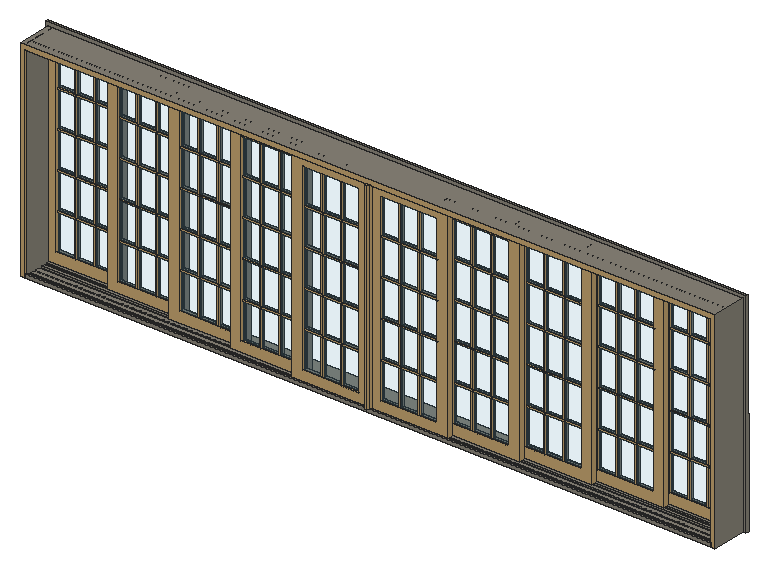
Revit family
Parameters (values of type "CMMSDS30080_OXXXX-XXXXO")
  Void Offset = if(and(Casing Visibility, BMC), 0' 1 5/16", if(and(Casing Visibility, Flat Casing), 0' 3", 0' 0"))  # 0' - 1 5/16"
  V5a = if(Panels > 8, 0' 1 13/16", 0' 0")  # 0' - 1 13/16"
  V5 = if(Panels > 8, 0' 0 7/32", 0' 1")  # 0' - 0 7/32"
  V4a = if(Panels > 6, 0' 1 13/16", 0' 0")  # 0' - 1 13/16"
  V4 = if(Panels > 6, 0' 0 7/32", 0' 1")  # 0' - 0 7/32"
  V3a = if(Panels > 4, 0' 1 13/16", 0' 0")  # 0' - 1 13/16"
  V3 = if(Panels > 4, 0' 0 7/32", 0' 1")  # 0' - 0 7/32"
  URL = "www.marvin.com"
  Sill Material = Polyurethane-Marvin-Bronze
  Sill Liner = if(Performance Sill, 0' 1 1/16", 0' 0")  # 0' - 1 1/16"
  Prairie Corner Width = 0' - 4"
  Prairie Corner Height = 0' - 4"
  Performance Sill = yes
  Operator Arrow Visibility = yes
  Muntins Interior Material = Wood-Marvin-Pine
  Muntins Exterior Material = Aluminum-Marvin-Bronze
  Mtg Stile Offset = if(Performance Sill, 0' 1 13/16", 0' 1 7/32")  # 0' - 1 13/16"
  Lite Cut Prairie 9 = no
  Lite Cut HV Grid = not(Lite Cut Prairie 9)  # yes
  Interior Material = Wood-Marvin-Pine
  Function = 1
  Frame = "Aluminum Clad"
  Flush Sill = not(Performance Sill)  # no
  Panel Start Center = Panel Width / 2  # 1' - 5 17/32"
  Panel Center = Panel Width - Panel Stile  # 2' - 6 21/64"
  Panel Stile = 0' - 4 47/64"  # constant formula
  Thickness = 0' - 2 1/4"  # constant formula
  Rough Width = Width + 0' 1"  # 26' - 3 47/64"
  Rough Height = Height + 0' 0 1/2"  # 7' - 11 7/32"
  Panels = if(Number of Panels < 4, 4, if(Number of Panels = 5, 6, if(Number of Panels = 7, 8, if(Number of Panels = 9, 10, if(Number of Panels > 10, 10, Number of Panels)))))  # 10
  Panel Width = (Width - 0' 1 63/64" + (Panel Stile * (Panels - 2))) / Panels  # 2' - 11 1/16"
  Panel Height = Height - 0' 2 7/32"  # 7' - 8 1/2"
  Panel 5 Visibility = Number of Panels > 8  # yes
  Panel 4 Visibility = Number of Panels > 6  # yes
  Panel 3 Visibility = Number of Panels > 4  # yes
  Number of Panels = 10
  Nominal Width = 30' - 0"
  Nominal Height = 8' - 0"
  Muntins Interior Visibility = yes
  Muntins Exterior Visibility = yes
  Model = "CMMSDS30080_OXXXX-XXXXO"
  Manufacturer = "Marvin Windows and Doors"
  Lites Wide = 3
  Lites High = 5
  Label Visibility = no
  Jamb Depth = if(Panels = 4, 0' 6 25/32", if(Panels = 6, 0' 9 51/64", if(Panels = 8, 1' 0 13/16", 1' 3 27/32")))  # 1' - 3 27/32"
  Inset to Installation Flange [instance] = 0' - 1"
  Height = if(Nominal Height = 7' 0", Nominal Height + 0' 1 7/32", Nominal Height - 0' 1 9/32")  # 7' - 10 23/32"
  Wall Closure = (empty or 0)
  Width = if(Panels = 4, Nominal Width - 0' 11 15/64", if(Panels = 6, Nominal Width - 1' 10 37/64", if(Panels = 8, Nominal Width - 2' 9 59/64", Nominal Width - 3' 9 17/64")))  # 26' - 2 47/64"
  Glazing Material = Glass-Marvin-IG Low E II with Argon
  Glass Type = "IG Low E II with Argon"
  Family created by = "www.rbuiltcomponents.com"
  Door Type = "Clad Ultimate Multi-Slide Stacked Door"
  Design Pressure = if(DP_1, "Not Rated", "DP40")  # "DP40"
  Description = "30080 MS DOOR"
  Daylight Area = DLO Width Panel * DLO Height Panel * Panels  # 147.575 SF
  DP_1 = or(Panel Height > 10' 0", Panel Width > 4' 0", Flush Sill)  # no
  DLO Width Panel = Panel Width - (Panel Stile * 2)  # 2' - 1 19/32"
  DLO Height Panel = Panel Height - (Panel Stile * 2)  # 6' - 11 1/32"
  Cladding Material = Aluminum-Marvin-Bronze
  Casing Width = if(BMC, 0' 1 5/16", 0' 3")  # 0' - 1 5/16"
  Casing Visibility = yes
  Flat Casing Visibility = and(Casing Visibility, Flat Casing)  # no
  BMC Visibility = and(Casing Visibility, BMC)  # yes
  BMC = yes
  Flat Casing = not(BMC)  # no
  Assembly Code = ""
Reference planes (in)
  plane 1 "Center (Front/Back)": y = 0
  plane 2 "Center (Left/Right)": x = 0
  plane 3 "Left": x = -157.36719
  plane 4 "Right": x = 157.36719
  plane 5 "Top": z = 94.71875
  plane 6 "Exterior": y = 9
  plane 7 "Interior": y = -9
  plane 8 "Inset": y = 8
  plane 9: x = -156.44531
  plane 10: x = 156.44531
  plane 11: z = 93.71875
  plane 12 "Jamb Ext Face": y = -7.84375
  plane 13: y = 7.625
  plane 14: y = 4.60547
  plane 15: y = 1.58594
  plane 16: y = -1.43359
  plane 17: x = -108.58594
  plane 18: x = -78.25781
  plane 19: x = -47.92969
  plane 20: x = -138.91406
  plane 21: z = 96.03125
  plane 22: x = 138.91406
  plane 23: x = -17.60156
  plane 24: y = -7.47266
  plane 25: y = -4.45313
  plane 26: x = 108.58594
  plane 27: x = 78.25781
  plane 28: x = 47.92969
  plane 29: x = 17.60156
Forms (in)
  Extrusion 1, void
    sketch origin (0, 0, 0) x (1, 0, 0) y (0, 1, 0)
      loop
        line (-158.67969, 9.125) -> (-158.67969, 8) -> (158.67969, 8) -> (158.67969, 9.125) -> (-158.67969, 9.125)
    from 0 to 96.03125
  Extrusion 2, void
    sketch origin (0, 0, 0) x (1, 0, 0) y (0, 1, 0)
      loop
        line (-157.36719, 8) -> (-157.36719, -9) -> (157.36719, -9) -> (157.36719, 8) -> (-157.36719, 8)
    from 0 to 94.71875
  Sweep 3, solid, material "Polyurethane-Marvin-Bronze" <- "Sill Material"
    path origin (0, 8, 0) x (1, 0, 0) y (0, 0, 1)
      loop
        line (156.52344, 0) -> (-156.52344, 0)
    profile origin (0, 8, 0) x (0, 0, -1) y (0, -1, 0)
      loop
        line (0, -1.03125) -> (0, 15.375) -> (-0.75, 15.375) -> (-0.75, 14.10938) -> (-0.25, 14.10938) -> (-0.25, 12.67188) -> (-0.75, 12.67187) -> (-0.75, -1.03125) -> (0, -1.03125)
  Sweep 4, solid, material "Polyurethane-Marvin-Bronze" <- "Sill Material"
    path origin (0, 8, 0) x (1, 0, 0) y (0, 0, 1)
      loop
        line (155.39619, 0) -> (-155.39619, 0)
    profile origin (0, 8, 0) x (0, 0, -1) y (0, -1, 0)
      loop
        line (-1.8125, 15.375) -> (0, 15.375) -> (0, 15.84375) -> (-1.8125, 15.84375) -> (-1.8125, 15.375)
  Sweep 5, solid, material "Aluminum-Marvin-Bronze" <- "Cladding Material"
    path origin (0, 8, 0) x (1, 0, 0) y (0, 0, 1)
      loop
        line (-157.36719, 0) -> (-157.36719, 94.71875) -> (157.36719, 94.71875) -> (157.36719, 0)
    profile origin (0, 8, 94.71875) x (0, 0, 1) y (0, -1, 0)
      loop
        line (0, 15.84375) -> (-1.971, 15.84375) -> (-1.971, 15.0625) -> (-1.8125, 15.0625) -> (-1.8125, -0.40625) -> (-0.84375, -0.40625) -> (-0.84375, -1.0935) -> (0, -1.0935) -> (0, 15.84375)
  Sweep 6, void
    path origin (0, 8, 0) x (1, 0, 0) y (0, 0, 1)
      loop
        line (-157.36719, 93.71875) -> (-157.36719, 0)
    profile origin (-157.36719, 8, 46.85938) x (0, -1, 0) y (1, 0, 0)
      loop
        line (2.625, 1.8125) -> (0.125, 1.8125) -> (0.125, 0.8125) -> (2.625, 0.8125) -> (2.625, 1.8125)
  Sweep 7, void
    path origin (0, 8, 0) x (1, 0, 0) y (0, 0, 1)
      loop
        line (121.38281, 94.71875) -> (155.55469, 94.71875)
    profile origin (138.46875, 8, 94.71875) x (0, 0, 1) y (0, -1, 0)
      loop
        line (-0.25, 2.76172) -> (-1.5, 2.76172) -> (-1.5, 3.01172) -> (-1.8125, 3.01172) -> (-1.8125, 0) -> (-1.5, 0) -> (-1.5, 0.25) -> (-0.25, 0.25) -> (-0.25, 2.76172)
  Sweep 8, void
    path origin (0, 8, 0) x (1, 0, 0) y (0, 0, 1)
      loop
        line (91.05469, 94.71875) -> (155.55469, 94.71875)
    profile origin (123.30469, 8, 94.71875) x (0, 0, 1) y (0, -1, 0)
      loop
        line (-0.25, 3.26172) -> (-0.25, 5.77344) -> (-1.5, 5.77344) -> (-1.5, 6.02344) -> (-1.8125, 6.02344) -> (-1.8125, 3.01172) -> (-1.5, 3.01172) -> (-1.5, 3.26172) -> (-0.25, 3.26172)
  Sweep 9, void
    path origin (0, 8, 0) x (1, 0, 0) y (0, 0, 1)
      loop
        line (60.72656, 94.71875) -> (155.55469, 94.71875)
    profile origin (108.14063, 8, 94.71875) x (0, 0, 1) y (0, -1, 0)
      loop
        line (-0.25, 8.78125) -> (-1.5, 8.78125) -> (-1.5, 9.03125) -> (-1.8125, 9.03125) -> (-1.8125, 5.89453) -> (-1.5, 5.89453) -> (-1.5, 6.26953) -> (-0.25, 6.26953) -> (-0.25, 8.78125)
  Sweep 10, void
    path origin (0, 8, 0) x (1, 0, 0) y (0, 0, 1)
      loop
        line (30.39844, 94.71875) -> (155.55469, 94.71875)
    profile origin (92.97656, 8, 94.71875) x (0, 0, 1) y (0, -1, 0)
      loop
        line (-0.25, 9.28906) -> (-0.25, 11.80078) -> (-1.5, 11.80078) -> (-1.5, 12.05078) -> (-1.8125, 12.05078) -> (-1.8125, 8.91406) -> (-1.5, 8.91406) -> (-1.5, 9.28906) -> (-0.25, 9.28906)
  Sweep 11, void
    path origin (0, 8, 0) x (1, 0, 0) y (0, 0, 1)
      loop
        line (-155.55469, 94.71875) -> (155.55469, 94.71875)
    profile origin (0, 8, 94.71875) x (0, 0, 1) y (0, -1, 0)
      loop
        line (-0.25, 14.82031) -> (-1.5, 14.82031) -> (-1.5, 15.07031) -> (-1.8125, 15.07031) -> (-1.8125, 11.93359) -> (-1.5, 11.93359) -> (-1.5, 12.30859) -> (-0.25, 12.30859) -> (-0.25, 14.82031)
  Sweep 12, solid, material "Wood-Marvin-Pine" <- "Interior Material"
    path origin (0, -7.84375, 0) x (1, 0, 0) y (0, 0, 1)
      loop
        line (0, 92.74775) -> (0, 1.8125)
    profile "Mtg Stile : Mtg Stile" origin (0, -7.84375, 47.28013) x (1, 0, 0) y (0, -1, 0)
      loop
        line (1.04456, -1.17197) -> (0.94272, -0.20297) -> (0.79452, -0.20297) -> (0.62046, 1.45313) -> (-0.30862, 1.45313) -> (-0.4817, -0.20297) -> (-0.6303, -0.20297) -> (-0.73164, -1.17197) -> (1.04456, -1.17197)
  Sweep 13, void
    path origin (0, 8, 0) x (-1, 0, 0) y (0, 0, 1)
      loop
        line (-157.36719, 93.71875) -> (-157.36719, 0)
    profile origin (157.36719, 8, 46.85938) x (0, -1, 0) y (1, 0, 0)
      loop
        line (2.625, -1.8125) -> (2.625, -0.84375) -> (0.125, -0.84375) -> (0.125, -1.8125) -> (2.625, -1.8125)
  Sweep 14, void
    path origin (0, 8, 0) x (1, 0, 0) y (0, 0, 1)
      loop
        line (-155.55469, 94.71875) -> (-121.38281, 94.71875)
    profile origin (-138.46875, 8, 94.71875) x (0, 0, 1) y (0, -1, 0)
      loop
        line (-0.25, 2.63672) -> (-1.5, 2.63672) -> (-1.5, 3.13672) -> (-1.8125, 3.13672) -> (-1.8125, 0) -> (-1.5, 0) -> (-1.5, 0.25) -> (-0.25, 0.25) -> (-0.25, 2.63672)
  Sweep 15, void
    path origin (0, 8, 0) x (1, 0, 0) y (0, 0, 1)
      loop
        line (-155.55469, 94.71875) -> (-91.05469, 94.71875)
    profile origin (-123.30469, 8, 94.71875) x (0, 0, 1) y (0, -1, 0)
      loop
        line (-0.25, 3.26172) -> (-0.25, 5.64063) -> (-1.5, 5.64063) -> (-1.5, 5.89063) -> (-1.8125, 5.89063) -> (-1.8125, 3.01172) -> (-1.5, 3.01172) -> (-1.5, 3.26172) -> (-0.25, 3.26172)
  Sweep 16, void
    path origin (0, 8, 0) x (1, 0, 0) y (0, 0, 1)
      loop
        line (-155.55469, 94.71875) -> (-60.72656, 94.71875)
    profile origin (-108.14062, 8, 94.71875) x (0, 0, 1) y (0, -1, 0)
      loop
        line (-0.25, 8.63672) -> (-1.5, 8.63672) -> (-1.5, 9.13672) -> (-1.8125, 9.13672) -> (-1.8125, 5.89453) -> (-1.5, 5.89453) -> (-1.5, 6.26953) -> (-0.25, 6.26953) -> (-0.25, 8.63672)
  Sweep 17, void
    path origin (0, 8, 0) x (1, 0, 0) y (0, 0, 1)
      loop
        line (-155.55469, 94.71875) -> (-30.39844, 94.71875)
    profile origin (-92.97656, 8, 94.71875) x (0, 0, 1) y (0, -1, 0)
      loop
        line (-0.25, 9.28906) -> (-0.25, 11.65625) -> (-1.5, 11.65625) -> (-1.5, 12.15625) -> (-1.8125, 12.15625) -> (-1.8125, 8.91406) -> (-1.5, 8.91406) -> (-1.5, 9.28906) -> (-0.25, 9.28906)
  Extrusion 18, void
    sketch origin (0, 0, 0) x (1, 0, 0) y (0, 1, 0)
      loop
        line (-156.44531, -1.65234) -> (-156.44531, -3.08984) -> (-30.39844, -3.08984) -> (-30.39844, -1.65234) -> (-156.44531, -1.65234)
      loop
        line (-156.44531, 1.36719) -> (-156.44531, -0.07031) -> (-60.72656, -0.07031) -> (-60.72656, 1.36719) -> (-156.44531, 1.36719)
      loop
        line (-156.44531, 4.38672) -> (-156.44531, 2.94922) -> (-91.05469, 2.94922) -> (-91.05469, 4.38672) -> (-156.44531, 4.38672)
      loop
        line (-156.44531, 7.40625) -> (-156.44531, 5.96875) -> (-121.38281, 5.96875) -> (-121.38281, 7.40625) -> (-156.44531, 7.40625)
    from 0.25 to 0.75
  Extrusion 19, void
    sketch origin (0, 0, 0) x (-1, 0, 0) y (0, -1, 0)
      loop
        line (-156.44531, 1.65234) -> (-30.39844, 1.65234) -> (-30.39844, 3.08984) -> (-156.44531, 3.08984) -> (-156.44531, 1.65234)
      loop
        line (-156.44531, -1.36719) -> (-60.72656, -1.36719) -> (-60.72656, 0.07031) -> (-156.44531, 0.07031) -> (-156.44531, -1.36719)
      loop
        line (-156.44531, -4.38672) -> (-91.05469, -4.38672) -> (-91.05469, -2.94922) -> (-156.44531, -2.94922) -> (-156.44531, -4.38672)
      loop
        line (-156.44531, -7.40625) -> (-121.38281, -7.40625) -> (-121.38281, -5.96875) -> (-156.44531, -5.96875) -> (-156.44531, -7.40625)
    from 0.25 to 0.75
Cuts and joins
  Sweep 6, Sweep 7, Sweep 8, Sweep 9, Sweep 10, Sweep 11, Sweep 13, Sweep 14, Sweep 15, Sweep 16, Sweep 17, Extrusion 19 cuts Sweep 5
  Sweep 8, Sweep 9, Sweep 10, Sweep 11, Extrusion 18, Extrusion 19 cuts Sweep 3
  Extrusion 19 cuts Sweep 4
  joined: Sweep 3, Sweep 4
Lines and regions (in)
  Masking region 1
    outline origin (0, 0, 0) x (0, 1, 0) y (0, 0, 1)
      loop
        line (9.0935, 94.71875) -> (-7.84375, 94.71875) -> (-7.84375, 0) -> (9.0935, 0) -> (9.0935, 94.71875)
  Split face 1
    outline origin (-155.55469, 8.40625, 0) x (0, 0, 1) y (0, -1, 0)
      loop
        line (94.46875, 3.6875) -> (93.21875, 3.6875) -> (93.21875, 3.41797) -> (92.90625, 3.41797) -> (92.90625, 3.03125) -> (0, 3.03125)
  Split face 2
    outline origin (155.55469, 8.40625, 92.90625) x (0, 0, -1) y (0, -1, 0)
      loop
        line (92.90625, 3.03125) -> (-0.3125, 3.03125) -> (-0.3125, 3.6875) -> (-1.5625, 3.6875)
  symbolic lines, style "DoorsPanelProjection", detail levels coarse+medium
    curve 1: line (0, 7.625, 93.71875) -> (0, 5.40625, 93.71875)
    curve 2: line (0, 7.625, 88.98437) -> (0, 7.625, 93.71875)
    curve 3: line (0, 5.40625, 88.98437) -> (0, 7.625, 88.98437)
    curve 4: line (0, 5.40625, 93.71875) -> (0, 5.40625, 88.98437)
    curve 5: line (0, 5.40625, 1.21875) -> (0, 7.625, 1.21875)
    curve 6: line (0, 5.40625, 5.95312) -> (0, 5.40625, 1.21875)
    curve 7: line (0, 7.625, 5.95312) -> (0, 5.40625, 5.95312)
    curve 8: line (0, 7.625, 1.21875) -> (0, 7.625, 5.95312)
    curve 9: line (0, 7.625, 5.95312) -> (0, 7.625, 88.98437)
    curve 15: line (0, 5.40625, 88.98437) -> (0, 5.40625, 5.95312)
  symbolic lines, style "DoorsGlassProjection", detail levels coarse+medium
    curve 10: line (0, 6.51562, 5.95312) -> (0, 6.51562, 88.98437)
  symbolic lines, style "DoorsFrameMullionProjection", detail levels coarse+medium
    curve 11: line (0, 9.0935, 94.71875) -> (0, -7.84375, 94.71875)
    curve 12: line (0, 9.0935, 92.90625) -> (0, 9.0935, 94.71875)
    curve 13: line (0, -7.84375, 92.74775) -> (0, -6.8125, 92.74775)
    curve 14: line (0, -7.84375, 94.71875) -> (0, -7.84375, 92.74775)
    curve 16: line (0, -6.8125, 93.71875) -> (0, 7.75, 93.71875)
    curve 17: line (0, 7.75, 92.90625) -> (0, 7.75, 93.71875)
    curve 18: line (0, -6.8125, 92.74775) -> (0, -6.8125, 93.71875)
    curve 19: line (0, 7.75, 92.90625) -> (0, 9.0935, 92.90625)
    curve 20: line (0, 9.03125, 0) -> (0, -7.84375, 0)
    curve 21: line (0, 9.03125, 0.75) -> (0, 9.03125, 0)
    curve 22: line (0, -7.84375, 0.75) -> (0, 9.03125, 0.75)
    curve 23: line (0, -7.84375, 0) -> (0, -7.84375, 0.75)
Text (in)
  text "Exterior" at (-74.96733, 27.31104, 0), in view "Ref. Level"
  text "Interior" at (-74.96733, -25.14366, 0), in view "Ref. Level"
  text "Exterior" at (0, 40.15149, 123.01588), in view "Right"
  text "Interior" at (0, -64.39139, 123.01588), in view "Right"
  text "Interior" at (0, -31.01599, 123.00693), in view "Left"
  text "Exterior" at (0, 54.57065, 123.00693), in view "Left"
Dimensions and locks (in)
  equal spacing: plane 3 "Left", plane 2 "Center (Left/Right)", plane 4 "Right"
  "Height": level to plane 5 "Top"
  "Width": plane 3 "Left" to plane 4 "Right"
  locked: plane 10 to plane 4 "Right" at 0.92188
  locked: plane 3 "Left" to plane 9 at 0.92188
  locked: plane 11 to plane 5 "Top" at 1
  "Inset to Installation Flange": host wall to plane 8 "Inset"
  "Jamb Depth": plane 12 "Jamb Ext Face" to plane 8 "Inset"
  locked: nested 1 to host wall at 12
  locked: Extrusion 1 sketch curve to host wall at 0.125
  "Void Offset": Extrusion 1 sketch curve to plane 3 "Left"
  "Void Offset": plane 4 "Right" to Extrusion 1 sketch curve
  locked: plane 13 to plane 8 "Inset" at 0.375
  "Panel Start Center": plane 20 to plane 9
  "Panel Center": plane 17 to plane 20
  "Panel Center": plane 18 to plane 17
  "Panel Center": plane 19 to plane 18
  "Void Offset": plane 5 "Top" to plane 21
  "Panel Center": plane 19 to plane 23
  "Panel Start Center": plane 22 to plane 10
  equal spacing: nested 7, curve 10, nested 7
  plane 24 to plane 25 to plane 16 to plane 15 to plane 14 to plane 13 = 0' - 3 5/256" locked, 0' - 3 5/256" locked, 0' - 3 5/256" locked, 0' - 3 5/256" locked, 0' - 3 5/256" locked
  locked: Sweep 5 sketch curve to plane 12 "Jamb Ext Face" at 0.78125
  Sweep 6 sketch curve to plane 13 to Sweep 6 sketch curve = 0' - 2 1/4" locked, 0' - 0 1/4" locked
  locked: Sweep 6 sketch curve to cut or joined group 1 (Sweep 5, Sweep 6, Sweep 7, Sweep 8, Sweep 9, Sweep 10, Sweep 11, Sweep 13, Sweep 14, Sweep 15, Sweep 16, Sweep 17, Extrusion 19) at 1
  locked: plane 10 to Sweep 3 sketch curve at 0.07812
  locked: Sweep 3 sketch curve to plane 9 at 0.07812
  Sweep 11 sketch curve to Sweep 11 sketch curve to Sweep 11 sketch curve = 0' - 1 1/4" locked, 0' - 0 5/16" locked
  "V5a": Sweep 11 sketch curve to plane 5 "Top"
  Sweep 10 sketch curve to Sweep 10 sketch curve to Sweep 10 sketch curve = 0' - 0 5/16" locked, 0' - 1 1/4" locked
  "V4a": Sweep 10 sketch curve to plane 5 "Top"
  Sweep 9 sketch curve to Sweep 9 sketch curve to Sweep 9 sketch curve = 0' - 1 1/4" locked, 0' - 0 5/16" locked
  "V3a": Sweep 9 sketch curve to plane 5 "Top"
  Sweep 7 sketch curve to Sweep 7 sketch curve to plane 13 to Sweep 7 sketch curve to Sweep 7 sketch curve = 0' - 0 1/4" locked, 0' - 0 1/8" locked, 0' - 2 99/256" locked, 0' - 0 1/4" locked
  Sweep 8 sketch curve to Sweep 8 sketch curve to plane 14 to Sweep 8 sketch curve to Sweep 8 sketch curve = 0' - 0 1/4" locked, 0' - 0 17/128" locked, 0' - 2 97/256" locked, 0' - 0 1/4" locked
  Sweep 9 sketch curve to Sweep 9 sketch curve to plane 15 to Sweep 9 sketch curve to Sweep 9 sketch curve = 0' - 0 3/8" locked, 0' - 0 37/256" locked, 0' - 2 47/128" locked, 0' - 0 1/4" locked
  Sweep 10 sketch curve to Sweep 10 sketch curve to plane 16 to Sweep 10 sketch curve to Sweep 10 sketch curve = 0' - 0 3/8" locked, 0' - 0 37/256" locked, 0' - 2 47/128" locked, 0' - 0 1/4" locked
  Sweep 11 sketch curve to Sweep 11 sketch curve to plane 25 to Sweep 11 sketch curve to Sweep 11 sketch curve = 0' - 0 3/8" locked, 0' - 0 37/256" locked, 0' - 2 47/128" locked, 0' - 0 1/4" locked
  locked: Sweep 3 sketch curve to plane 12 "Jamb Ext Face" at 0.46875
  "Sill Liner": Sweep 4 sketch curve to cut or joined group of Sweep 3, Sweep 4, Sweep 8, Sweep 9, Sweep 10, Sweep 11, Extrusion 18, Extrusion 19
  "Panel Center": plane 27 to plane 26
  "Panel Center": plane 28 to plane 27
  "Panel Center": plane 28 to plane 29
  "Panel Center": plane 26 to plane 22
  Sweep 13 sketch curve to plane 13 to Sweep 13 sketch curve = 0' - 2 1/4" locked, 0' - 0 1/4" locked
  Sweep 14 sketch curve to Sweep 14 sketch curve to Sweep 14 sketch curve to Sweep 14 sketch curve = 0' - 0 1/4" locked, 0' - 2 99/256" locked, 0' - 0 1/2" locked
  Sweep 15 sketch curve to Sweep 15 sketch curve to Sweep 15 sketch curve to Sweep 15 sketch curve = 0' - 0 1/4" locked, 0' - 2 97/256" locked, 0' - 0 1/4" locked
  Sweep 16 sketch curve to Sweep 16 sketch curve to Sweep 16 sketch curve = 0' - 1 1/4" locked, 0' - 0 5/16" locked
  Sweep 16 sketch curve to Sweep 16 sketch curve to Sweep 16 sketch curve to Sweep 16 sketch curve = 0' - 0 3/8" locked, 0' - 2 47/128" locked, 0' - 0 1/2" locked
  Sweep 17 sketch curve to Sweep 17 sketch curve to Sweep 17 sketch curve = 0' - 0 5/16" locked, 0' - 1 1/4" locked
  Sweep 17 sketch curve to Sweep 17 sketch curve to Sweep 17 sketch curve to Sweep 17 sketch curve = 0' - 0 3/8" locked, 0' - 2 47/128" locked, 0' - 0 1/2" locked
  "V4a": Sweep 17 sketch curve to plane 5 "Top"
  "V3a": Sweep 16 sketch curve to plane 5 "Top"
  Sweep 3 sketch curve to Sweep 3 sketch curve to plane 12 "Jamb Ext Face" = 0' - 1 7/16" locked, 0' - 1 47/64" locked
  locked: level to Extrusion 18 at 0.25
  Extrusion 18 sketch curve to Extrusion 18 sketch curve to plane 13 = 0' - 1 7/16" locked, 0' - 0 7/32" locked
  Extrusion 18 sketch curve to Extrusion 18 sketch curve to plane 14 = 0' - 1 7/16" locked, 0' - 0 7/32" locked
  "V3": Extrusion 18 sketch curve to plane 15
  locked: Extrusion 18 sketch curve to plane 15 at 1.65625
  "V4": Extrusion 18 sketch curve to plane 16
  locked: Extrusion 18 sketch curve to plane 16 at 1.65625
  Extrusion 19 sketch curve to Extrusion 19 sketch curve to plane 13 = 0' - 1 7/16" locked, 0' - 0 7/32" locked
  Extrusion 19 sketch curve to Extrusion 19 sketch curve to plane 14 = 0' - 1 7/16" locked, 0' - 0 7/32" locked
  "V3": Extrusion 19 sketch curve to plane 15
  locked: Extrusion 19 sketch curve to plane 15 at 1.65625
  "V4": Extrusion 19 sketch curve to plane 16
  locked: Extrusion 19 sketch curve to plane 16 at 1.65625
  "Mtg Stile Offset": Sweep 12 sketch curve to level
  aligned and locked: plane 6 "Exterior" to host wall
  aligned and locked: plane 7 "Interior" to host wall
  aligned and locked: plane 2 "Center (Left/Right)" to nested 1
  aligned and locked: Extrusion 1 sketch curve to plane 8 "Inset"
  aligned and locked: Extrusion 1 to level
  aligned and locked: Extrusion 2 sketch curve to plane 3 "Left"
  aligned and locked: plane 8 "Inset" to Extrusion 2 sketch curve
  aligned and locked: plane 4 "Right" to Extrusion 2 sketch curve
  aligned and locked: Extrusion 2 to plane 5 "Top"
  aligned and locked: Extrusion 2 to level
  aligned and locked: Extrusion 2 sketch curve to host wall
  aligned and locked: nested 2 to plane 9
  aligned and locked: plane 13 to nested 2
  aligned and locked: plane 14 to nested 3
  aligned and locked: plane 15 to nested 4
  aligned and locked: plane 16 to nested 5
  aligned and locked: plane 17 to nested 3
  aligned and locked: plane 18 to nested 4
  aligned and locked: plane 19 to nested 5
  aligned and locked: plane 8 "Inset" to nested 6
  aligned and locked: plane 2 "Center (Left/Right)" to nested 6
  aligned and locked: Extrusion 1 to plane 21
  aligned and locked: plane 5 "Top" to Masking region 1 sketch curve
  aligned and locked: level to Masking region 1 sketch curve
  aligned and locked: level to nested 7
  aligned and locked: nested 7 to plane 8 "Inset"
  aligned and locked: curve 1 to nested 7
  aligned and locked: curve 4 to nested 7
  aligned and locked: nested 7 to curve 5
  aligned and locked: curve 5 to nested 7
  aligned and locked: curve 11 to nested 7  (x2)
  aligned and locked: nested 7 to curve 14
  aligned and locked: curve 14 to plane 12 "Jamb Ext Face"
  aligned and locked: nested 7 to curve 9
  aligned and locked: Masking region 1 sketch curve to plane 12 "Jamb Ext Face"
  aligned and locked: Masking region 1 sketch curve to nested 7
  aligned and locked: nested 8 to plane 23
  aligned and locked: curve 3 to nested 7
  aligned and locked: curve 7 to nested 7
  aligned and locked: nested 8 to plane 25
  aligned and locked: nested 8 to plane 11  (x2)
  aligned and locked: nested 5 to plane 11  (x2)
  aligned and locked: nested 4 to plane 11  (x2)
  aligned and locked: nested 3 to plane 11  (x2)
  aligned and locked: nested 2 to plane 11  (x2)
  aligned and locked: level to Sweep 3 sketch curve
  aligned and locked: Sweep 4 sketch curve to level
  aligned and locked: Sweep 4 sketch curve to plane 12 "Jamb Ext Face"
  aligned and locked: plane 5 "Top" to Sweep 5 sketch curve
  aligned and locked: plane 4 "Right" to Sweep 5 sketch curve
  aligned and locked: plane 3 "Left" to Sweep 5 sketch curve
  aligned and locked: level to Sweep 5 sketch curve  (x2)
  aligned and locked: profile plane to Sweep 5 sketch curve
  aligned and locked: Sweep 5 sketch curve to nested 7  (x4)
  aligned and locked: plane 12 "Jamb Ext Face" to Sweep 5 sketch curve
  aligned and locked: Sweep 6 sketch curve to plane 3 "Left"
  aligned and locked: Sweep 4 to Sweep 6 sketch curve
  aligned and locked: cut or joined group 1 to Sweep 6 sketch curve
  aligned and locked: Sweep 4 sketch curve to cut or joined group 1
  aligned and locked: cut or joined group 1 to Sweep 4 sketch curve
  aligned and locked: Sweep 7 sketch curve to plane 5 "Top"
  aligned and locked: Sweep 9 sketch curve to plane 5 "Top"
  aligned and locked: Sweep 8 sketch curve to plane 5 "Top"
  aligned and locked: Sweep 10 sketch curve to plane 5 "Top"
  aligned and locked: Sweep 11 sketch curve to plane 5 "Top"
  aligned and locked: cut or joined group 1 to Sweep 11 sketch curve  (x2)
  aligned and locked: plane 11 to curve 16
  aligned and locked: curve 17 to nested 7
  aligned and locked: curve 18 to nested 7
  aligned and locked: curve 19 to nested 7
  aligned and locked: curve 20 to nested 7
  aligned and locked: nested 7 to curve 23
  aligned and locked: plane 12 "Jamb Ext Face" to curve 23
  aligned and locked: Sweep 9 sketch curve to Sweep 9 sketch curve
  aligned and locked: Sweep 10 sketch curve to Sweep 10 sketch curve
  aligned and locked: Sweep 11 sketch curve to Sweep 11 sketch curve
  aligned and locked: level to Sweep 4 sketch curve
  aligned and locked: plane 11 to Sweep 6 sketch curve
  aligned and locked: cut or joined group 1 to Split face 1 sketch curve  (x2)
  aligned and locked: Split face 1 sketch curve to cut or joined group 1  (x2)
  aligned and locked: nested 7 to Split face 1 sketch curve
  aligned and locked: Split face 1 sketch curve to nested 7
  aligned and locked: plane 29 to nested 13
  aligned and locked: nested 12 to plane 28
  aligned and locked: nested 11 to plane 27
  aligned and locked: nested 10 to plane 26
  aligned and locked: nested 9 to plane 22
  aligned and locked: plane 11 to nested 13
  aligned and locked: plane 11 to nested 12
  aligned and locked: plane 11 to nested 11
  aligned and locked: plane 11 to nested 10
  aligned and locked: plane 11 to nested 9
  aligned and locked: plane 25 to nested 13
  aligned and locked: nested 12 to plane 16
  aligned and locked: nested 11 to plane 15
  aligned and locked: nested 10 to plane 14
  aligned and locked: nested 9 to plane 13
  aligned and locked: Sweep 12 sketch curve to plane 2 "Center (Left/Right)"
  aligned and locked: cut or joined group 1 to Sweep 12 sketch curve
  aligned and locked: Sweep 13 sketch curve to plane 4 "Right"
  aligned and locked: plane 11 to Sweep 13 sketch curve
  aligned and locked: level to Sweep 13 sketch curve
  aligned and locked: Sweep 13 sketch curve to cut or joined group of Sweep 3, Sweep 4, Sweep 8, Sweep 9, Sweep 10, Sweep 11, Extrusion 18, Extrusion 19
  aligned and locked: Sweep 13 sketch curve to cut or joined group 1
  aligned and locked: cut or joined group 1 to Sweep 10 sketch curve
  aligned and locked: cut or joined group 1 to Sweep 9 sketch curve
  aligned and locked: cut or joined group 1 to Sweep 8 sketch curve
  aligned and locked: Split face 2 sketch curve to cut or joined group 1
  aligned and locked: Sweep 14 sketch curve to nested 2
  aligned and locked: Sweep 7 sketch curve to nested 9
  aligned and locked: Sweep 15 sketch curve to nested 3
  aligned and locked: Sweep 15 sketch curve to cut or joined group 1
  aligned and locked: Sweep 15 sketch curve to plane 5 "Top"
  aligned and locked: Sweep 14 sketch curve to plane 5 "Top"
  aligned and locked: Sweep 8 sketch curve to nested 10
  aligned and locked: Sweep 16 sketch curve to Sweep 16 sketch curve
  aligned and locked: Sweep 16 sketch curve to nested 4
  aligned and locked: Sweep 16 sketch curve to plane 5 "Top"
  aligned and locked: Sweep 16 sketch curve to cut or joined group 1
  aligned and locked: Sweep 14 sketch curve to cut or joined group 1
  aligned and locked: Sweep 9 sketch curve to nested 11
  aligned and locked: Sweep 17 sketch curve to Sweep 17 sketch curve
  aligned and locked: Sweep 17 sketch curve to nested 5
  aligned and locked: Sweep 17 sketch curve to cut or joined group 1
  aligned and locked: Sweep 17 sketch curve to plane 5 "Top"
  aligned and locked: Sweep 10 sketch curve to nested 12
  aligned and locked: nested 14 to plane 2 "Center (Left/Right)"
  aligned and locked: nested 14 to plane 8 "Inset"
  aligned and locked: Extrusion 18 to curve 21
  aligned and locked: plane 9 to Extrusion 18 sketch curve  (x4)
  aligned and locked: nested 12 to Extrusion 19 sketch curve
  aligned and locked: Extrusion 19 sketch curve to nested 11
  aligned and locked: Extrusion 19 sketch curve to nested 10
  aligned and locked: Extrusion 19 sketch curve to nested 9
  aligned and locked: Extrusion 18 sketch curve to nested 2
  aligned and locked: Extrusion 18 sketch curve to nested 3
  aligned and locked: Extrusion 18 sketch curve to nested 4
  aligned and locked: Extrusion 18 sketch curve to nested 5
  aligned and locked: curve 21 to nested 7
Automatic sketch dimensions
  Sweep 3 sketch curve to profile plane = 0' - 0"
  profile plane to Sweep 3 sketch curve = 0' - 0 1/4"
  profile plane to Sweep 3 sketch curve = 0' - 0 3/4"
  Sweep 3 sketch curve to Sweep 3 sketch curve = 0' - 0 1/2"
  Sweep 3 sketch curve to plane 8 "Inset" = 0' - 1 1/32"
  Sweep 4 sketch curve to Sweep 4 sketch curve = 0' - 0 15/32"
  Sweep 5 sketch curve to Sweep 5 sketch curve = 0' - 0.1585"
  plane 10 to Sweep 7 sketch curve = 0' - 0 57/64"
  profile plane to Sweep 7 sketch curve = 0' - 1 13/16"
  Sweep 7 sketch curve to Sweep 7 sketch curve = 0' - 0 5/16"  (x2)
  profile plane to Sweep 7 sketch curve = 0' - 0 1/4"
  profile plane to Sweep 8 sketch curve = 0' - 1 13/16"
  Sweep 8 sketch curve to Sweep 8 sketch curve = 0' - 0 5/16"  (x2)
  profile plane to Sweep 8 sketch curve = 0' - 0 1/4"
  Split face 1 sketch curve to cut or joined group 1 = 0' - 0"  (x2)
  Split face 2 sketch curve to cut or joined group 1 = 0' - 0"  (x3)
  Split face 2 sketch curve to cut or joined group 1 = 0' - 0 5/256"
  Sweep 14 sketch curve to plane 8 "Inset" = 0' - 0"
  profile plane to Sweep 14 sketch curve = 0' - 1 13/16"
  Sweep 14 sketch curve to Sweep 14 sketch curve = 0' - 0 5/16"  (x2)
  profile plane to Sweep 14 sketch curve = 0' - 0 1/4"
  profile plane to Sweep 15 sketch curve = 0' - 1 13/16"
  Sweep 15 sketch curve to Sweep 15 sketch curve = 0' - 0 5/16"  (x2)
  profile plane to Sweep 15 sketch curve = 0' - 0 1/4"
  plane 8 "Inset" to Sweep 15 sketch curve = 0' - 3 3/256"
  plane 8 "Inset" to Sweep 16 sketch curve = 0' - 5 229/256"
  plane 8 "Inset" to Sweep 17 sketch curve = 0' - 8 117/128"
  Extrusion 19 sketch curve to plane 10 = 0' - 0"  (x4)
Nested families (in)
  nested 1: "Label Annotation 1-16 w5" at (0, 21, 0), visible <- "Label Visibility", type "Label Annotation 1-16 w5"
  nested 2: "Panel" at (-138.91406, 7.625, 1.21875), Arrow Visibility <- "Operator Arrow Visibility", type "Panel"
    with Meeting Flange no, Arrow Visibility yes, Width 2' - 11 1/16", DLO Width 2' - 1 19/32"
  nested 3: "Panel" at (-108.58594, 4.60547, 1.21875), Arrow Visibility <- "Operator Arrow Visibility", type "Panel"
    with Width 2' - 11 1/16", DLO Width 2' - 1 19/32"
  nested 4: "Panel" at (-78.25781, 1.58594, 1.21875), Arrow Visibility <- "Operator Arrow Visibility", visible <- "Panel 3 Visibility", type "Panel"
    with Width 2' - 11 1/16", DLO Width 2' - 1 19/32"
  nested 5: "Panel" at (-47.92969, -1.43359, 1.21875), Arrow Visibility <- "Operator Arrow Visibility", visible <- "Panel 4 Visibility", type "Panel"
    with Width 2' - 11 1/16", DLO Width 2' - 1 19/32"
  nested 6: "Casing_Clad" at (0, 8, 0), visible <- "Casing Visibility", type "Casing_Clad"
    with Width 26' - 2 47/64"
  nested 7: "Door_Section_Detail" at (0, 8, 0) x (0, -1, 0) z (1, 0, 0), type "Door_Section_Detail", detail levels fine
    with Performance Sill yes, Panel 6 no, Jamb Depth 1' - 3 27/32", Flush Sill no
  nested 8: "Panel" at (-17.60156, -4.45312, 1.21875), Arrow Visibility <- "Operator Arrow Visibility", visible <- "Panel 5 Visibility", type "Panel"
    with Width 2' - 11 1/16", DLO Width 2' - 1 19/32"
  nested 9: "Panel" at (138.91406, 7.625, 1.21875) x (-1, 0, 0) z (0, 0, 1), Arrow Visibility <- "Operator Arrow Visibility", type "Panel"
    with Meeting Flange no, Arrow Visibility yes, Width 2' - 11 1/16", DLO Width 2' - 1 19/32"
  nested 10: "Panel" at (108.58594, 4.60547, 1.21875) x (-1, 0, 0) z (0, 0, 1), Arrow Visibility <- "Operator Arrow Visibility", type "Panel"
    with Meeting Flange yes, Arrow Visibility yes, Width 2' - 11 1/16", DLO Width 2' - 1 19/32"
  nested 11: "Panel" at (78.25781, 1.58594, 1.21875) x (-1, 0, 0) z (0, 0, 1), Arrow Visibility <- "Operator Arrow Visibility", visible <- "Panel 3 Visibility", type "Panel"
    with Meeting Flange yes, Arrow Visibility yes, Width 2' - 11 1/16", DLO Width 2' - 1 19/32"
  nested 12: "Panel" at (47.92969, -1.43359, 1.21875) x (-1, 0, 0) z (0, 0, 1), Arrow Visibility <- "Operator Arrow Visibility", visible <- "Panel 4 Visibility", type "Panel"
    with Meeting Flange yes, Arrow Visibility yes, Width 2' - 11 1/16", DLO Width 2' - 1 19/32"
  nested 13: "Panel" at (17.60156, -4.45312, 1.21875) x (-1, 0, 0) z (0, 0, 1), Arrow Visibility <- "Operator Arrow Visibility", visible <- "Panel 5 Visibility", type "Panel"
    with Meeting Flange yes, Arrow Visibility yes, Width 2' - 11 1/16", DLO Width 2' - 1 19/32"
  nested 14: "Door_Plan_Detail" at (0, 8, 94.71875) x (1, 0, 0) z (0, 0, -1), type "Door_Plan_Detail"
    with Width 26' - 2 47/64", Panel Width 2' - 11 1/16", Casing yes
Definition of nested family "Panel"
  Parameters (values of type "Panel")
    Width = 2' - 11.06719"
    Thickness = 0' - 2 7/32"
    Prairie Corner Width = 0' - 4"
    Prairie Corner Height = 0' - 4"
    Muntins Interior Visibility = yes
    Muntins Interior Finish = Wood-Marvin-Pine
    Muntins Exterior Visibility = yes
    Muntins Exterior Finish = Aluminum-Marvin-Bronze
    Meeting Flange [instance] = yes
    Lites Wide = 3
    Lites High = 5
    Lite Cut Prairie 9 = no
    Lite Cut HV Grid = yes
    Interior Finish = Wood-Marvin-Pine
    Height = 7' - 8 1/2"
    Glazing Material = Glass-Marvin-IG Low E II with Argon
    DLO Width = 2' - 1.59844"
    DLO Height = 6' - 11 1/32"
    Cladding Finish = Aluminum-Marvin-Bronze
    Assembly Code = ""
    Arrow Visibility [instance] = yes
  Reference planes (in)
    plane 1 "Center (Front/Back)": y = 0
    plane 2: z = 0
    plane 3 "Center (Left/Right)": x = 0
    plane 4: x = -17.53359
    plane 5: x = 17.53359
    plane 6: z = 92.5
    plane 7: y = -2.21875
    plane 8: z = 87.76562
    plane 9: x = -12.79922
    plane 10: x = 12.79922
    plane 11 "Top Rail": z = 4.73437
  Forms (in)
    Sweep 1, solid, material "Aluminum-Marvin-Bronze" <- "Cladding Finish"
      path origin (0, 0, 0) x (1, 0, 0) y (0, 0, 1)
        loop
          line (-12.79922, 87.76563) -> (-12.79922, 4.73438) -> (12.79922, 4.73438) -> (12.79922, 87.76563) -> (-12.79922, 87.76563)
      profile "Sash_C : Sash_C" origin (0, 0, 87.76563) x (0, 0, 1) y (0, -1, 0)
        loop
          line (4.73437, 0) -> (4.73438, 2.21875) -> (0, 2.21875) -> (0, 1.5) -> (0.73438, 1.5) -> (0.73437, 0.4375) -> (0, 0.4375) -> (0, 0.39904) -> (0.25, 0.14904) -> (0.25, 0) -> (4.73437, 0)
    Extrusion 2, solid, material "Glass-Marvin-IG Low E II with Argon" <- "Glazing Material"
      sketch origin (0, 0, 0) x (1, 0, 0) y (0, 0, 1)
        loop
          line (-13.54922, 88.51563) -> (-13.54922, 3.98438) -> (13.54922, 3.98438) -> (13.54922, 88.51563) -> (-13.54922, 88.51563)
      from 0.4863 to 1.4238
  Dimensions and locks (in)
    equal spacing: plane 4, plane 3 "Center (Left/Right)", plane 5
    "Width": plane 4 to plane 5
    "Height": plane 6 to plane 2
    locked: plane 9 to plane 4 at 4.73438
    locked: plane 5 to plane 10 at 4.73438
    locked: plane 6 to plane 8 at 4.73438
    locked: plane 11 "Top Rail" to plane 2 at 4.73438
    "Thickness": plane 7 to plane 1 "Center (Front/Back)"
    locked: nested 1 to plane 4 at 12
    equal spacing: plane 6, nested 1, level
    aligned and locked: plane 11 "Top Rail" to Sweep 1 sketch curve
    aligned and locked: plane 9 to Sweep 1 sketch curve
    aligned and locked: Sweep 1 sketch curve to plane 8
    aligned and locked: Sweep 1 sketch curve to plane 10
    aligned and locked: nested 2 to Sweep 1
    aligned and locked: plane 3 "Center (Left/Right)" to nested 2
    aligned and locked: Sweep 1 to nested 3
    aligned and locked: nested 3 to plane 8
    aligned and locked: nested 3 to plane 3 "Center (Left/Right)"
    aligned and locked: plane 8 to nested 2
  Automatic sketch dimensions
    Extrusion 2 sketch curve to plane 9 = 0' - 0 3/4"
    plane 10 to Extrusion 2 sketch curve = 0' - 0 3/4"
    Extrusion 2 sketch curve to plane 11 "Top Rail" = 0' - 0 3/4"
    plane 8 to Extrusion 2 sketch curve = 0' - 0 3/4"
  Nested families (in)
    nested 1: "Sliding Arrow" at (-5.53359, 0, 46.25) x (-1, 0, 0) z (0, -1, 0), visible <- "Arrow Visibility", type "Sliding Arrow"
    nested 2: "Muntins" at (0, -1.5, -31.3125), Muntin Material <- "Muntins Interior Finish", visible <- "Muntins Interior Visibility", type "Muntins"
      with MuntinDepth 0' - 0 3/8", Muntin Material Wood-Marvin-Pine, Muntin Extension 0' - 0 17/32", GlazingWidth 2' - 1.59844", GlazingHeight 6' - 11 1/32", Width 2' - 2.12969", LitesVertical 5, HorizontalMuntins 4, Height 6' - 11 9/16", Inset Vert 0' - 8.3349", Inset Horiz 1' - 4.3375"
    nested 3: "Muntins" at (0, -0.4375, -31.3125), Muntin Material <- "Muntins Exterior Finish", visible <- "Muntins Exterior Visibility", type "Muntins"
      with MuntinDepth 0' - 0 5/16", Muntin Material Aluminum-Marvin-Bronze, Muntin Extension 0' - 0 17/32", GlazingWidth 2' - 1.59844", GlazingHeight 6' - 11 1/32", Width 2' - 2.12969", LitesVertical 5, HorizontalMuntins 4, Height 6' - 11 9/16", Inset Vert 0' - 8.3349", Inset Horiz 1' - 4.3375"
  Definition of nested family "Muntins"
    Parameters (values of type "Muntins")
      PrairieMuntVisible = no
      Prairie Corner Width = 0' - 4"
      Prairie Corner Height = 0' - 4"
      Muntin Extension = 0' - 0 7/16"
      GridMuntVisible = yes
      GlazingWidth = 2' - 0"
      GlazingHeight = 2' - 11 1/8"
      Width = GlazingWidth + Muntin Extension  # 2' - 0 7/16"
      VerticalMuntins = if(LitesHorizontal < 3, 2, LitesHorizontal - 1)  # 2
      VertMuntVisible = and(GridMuntVisible, LitesHorizontal > 2)  # yes
      MuntinWidth = 0' - 0 3/4"
      MuntinDepth [instance] = 0' - 0 3/8"
      Muntin Material [instance] = none
      LitesVertical = 3
      LitesHorizontal = 3
      HorizontalMuntins = if(LitesVertical < 3, 2, LitesVertical - 1)  # 2
      HorizMuntVisible = and(GridMuntVisible, LitesVertical > 2)  # yes
      Height = GlazingHeight + Muntin Extension  # 2' - 11 9/16"
      Inset Vert = if(LitesHorizontal < 3, (Width / 3) - (MuntinWidth / 2), (Width / LitesHorizontal) - (MuntinWidth / 2))  # 0' - 7.77083"
      Inset Horiz = if(LitesVertical < 3, (Height / 3) - (MuntinWidth / 2), (Height / LitesVertical) - (MuntinWidth / 2))  # 0' - 11.47917"
      CenterMuntinVertical = and(GridMuntVisible, LitesHorizontal = 2)  # no
      CenterMuntinHorizontal = and(GridMuntVisible, LitesVertical = 2)  # no
      Assembly Code = ""
    Reference planes (in)
      plane 1 "Center (Front/Back)": y = 0
      plane 2: z = 0
      plane 3 "Center (Left/Right)": x = 0
      plane 4: z = 35.78125
      plane 5: z = 53.5625
      plane 6: z = 71.34375
      plane 7: z = 59.86458
      plane 8: z = 47.26042
      plane 9: z = 71.125
      plane 10: z = 36
      plane 11: x = -12
      plane 12: x = 12
      plane 13: x = -4.44792
      plane 14: x = -12.21875
      plane 15: x = 12.21875
      plane 16: x = 4.44792
      plane 17: z = 67.125
      plane 18: z = 40
      plane 19: x = -8
      plane 20: x = 8
    Forms (in)
      Extrusion 1, solid, material <- "Muntin Material", visible <- "CenterMuntinVertical", detail levels medium+fine
        sketch origin (9, 0, 0) x (1, 0, 0) y (0, 0, 1)
          loop
            line (-9.375, 71.34375) -> (-9.375, 35.78125) -> (-8.625, 35.78125) -> (-8.625, 71.34375) -> (-9.375, 71.34375)
        from 0 to 0.375 <- "MuntinDepth"
      Extrusion 2, solid, material <- "Muntin Material", visible <- "CenterMuntinHorizontal", detail levels medium+fine
        sketch origin (-0.0013, 0, 14.6875) x (1, 0, 0) y (0, 0, 1)
          loop
            line (-12.21745, 39.25) -> (-12.21745, 38.5) -> (12.22005, 38.5) -> (12.22005, 39.25) -> (-12.21745, 39.25)
        from 0 to 0.375 <- "MuntinDepth"
      Extrusion 3, solid, material <- "Muntin Material", visible <- "VertMuntVisible", detail levels medium+fine
        sketch origin (4.92708, 0, -2.90625) x (1, 0, 0) y (0, 0, 1)
          loop
            line (-9.375, 74.25) -> (-9.375, 38.6875) -> (-8.625, 38.6875) -> (-8.625, 74.25) -> (-9.375, 74.25)
        from 0 to 0.375 <- "MuntinDepth"
      Extrusion 4, solid, material <- "Muntin Material", visible <- "HorizMuntVisible", detail levels medium+fine
        sketch origin (-3.09635, 0, 14.17708) x (1, 0, 0) y (0, 0, 1)
          loop
            line (-9.1224, 45.6875) -> (-9.1224, 44.9375) -> (15.3151, 44.9375) -> (15.3151, 45.6875) -> (-9.1224, 45.6875)
        from 0 to 0.375 <- "MuntinDepth"
      Extrusion 5, solid, material <- "Muntin Material", visible <- "HorizMuntVisible", detail levels medium+fine
        sketch origin (-3.09635, 0, 2.32292) x (1, 0, 0) y (0, 0, 1)
          loop
            line (-9.1224, 45.6875) -> (-9.1224, 44.9375) -> (15.3151, 44.9375) -> (15.3151, 45.6875) -> (-9.1224, 45.6875)
        from 0 to 0.375 <- "MuntinDepth"
      Extrusion 6, solid, material <- "Muntin Material", visible <- "VertMuntVisible", detail levels medium+fine
        sketch origin (13.07292, 0, -2.90625) x (1, 0, 0) y (0, 0, 1)
          loop
            line (-9.375, 74.25) -> (-9.375, 38.6875) -> (-8.625, 38.6875) -> (-8.625, 74.25) -> (-9.375, 74.25)
        from 0 to 0.375 <- "MuntinDepth"
      Extrusion 7, solid, material <- "Muntin Material", visible <- "PrairieMuntVisible", detail levels medium+fine
        sketch origin (1, 0, 0) x (1, 0, 0) y (0, 0, 1)
          loop
            line (-9, 71.34375) -> (-9, 35.78125) -> (-8.25, 35.78125) -> (-8.25, 71.34375) -> (-9, 71.34375)
        from 0 to 0.375 <- "MuntinDepth"
      Extrusion 8, solid, material <- "Muntin Material", visible <- "PrairieMuntVisible", detail levels medium+fine
        sketch origin (17, 0, 0) x (1, 0, 0) y (0, 0, 1)
          loop
            line (-9.75, 71.34375) -> (-9.75, 35.78125) -> (-9, 35.78125) -> (-9, 71.34375) -> (-9.75, 71.34375)
        from 0 to 0.375 <- "MuntinDepth"
      Extrusion 9, solid, material <- "Muntin Material", visible <- "PrairieMuntVisible", detail levels medium+fine
        sketch origin (-0.0013, 0, 28.25) x (1, 0, 0) y (0, 0, 1)
          loop
            line (-12.21745, 38.875) -> (-12.21745, 38.125) -> (12.22005, 38.125) -> (12.22005, 38.875) -> (-12.21745, 38.875)
        from 0 to 0.375 <- "MuntinDepth"
      Extrusion 10, solid, material <- "Muntin Material", visible <- "PrairieMuntVisible", detail levels medium+fine
        sketch origin (-0.0013, 0, 1.125) x (1, 0, 0) y (0, 0, 1)
          loop
            line (-12.21745, 39.625) -> (-12.21745, 38.875) -> (12.22005, 38.875) -> (12.22005, 39.625) -> (-12.21745, 39.625)
        from 0 to 0.375 <- "MuntinDepth"
    Cuts and joins
      joined: Extrusion 7, Extrusion 8, Extrusion 9, Extrusion 10
    Lines and regions (in)
      model lines, style "Muntins", visible <- "CenterMuntinHorizontal", detail levels coarse
        curve 1: line (-12.21875, 0, 53.5625) -> (12.21875, 0, 53.5625)
      model lines, style "Muntins", visible <- "HorizMuntVisible", detail levels coarse
        curve 2: line (-12.21875, 0, 59.48958) -> (12.21875, 0, 59.48958)
        curve 3: line (-12.21875, 0, 47.63542) -> (12.21875, 0, 47.63542)
      model lines, style "Muntins", visible <- "CenterMuntinVertical", detail levels coarse
        curve 4: line (0, 0, 71.34375) -> (0, 0, 35.78125)
      model lines, style "Muntins", visible <- "VertMuntVisible", detail levels coarse
        curve 5: line (-4.07292, 0, 71.34375) -> (-4.07292, 0, 35.78125)
        curve 6: line (4.07292, 0, 71.34375) -> (4.07292, 0, 35.78125)
      model lines, style "Muntins", visible <- "PrairieMuntVisible", detail levels coarse
        curve 7: line (-12.21875, 0, 66.75) -> (12.21875, 0, 66.75)
        curve 8: line (-12.21875, 0, 40.375) -> (12.21875, 0, 40.375)
        curve 9: line (-7.625, 0, 35.78125) -> (-7.625, 0, 71.34375)
        curve 10: line (7.625, 0, 35.78125) -> (7.625, 0, 71.34375)
    Dimensions and locks (in)
      "Inset Horiz": plane 6 to plane 7
      "Inset Horiz": plane 8 to plane 4
      equal spacing: plane 6, plane 5, plane 4
      "Height": plane 6 to plane 4
      "GlazingHeight": plane 9 to plane 10
      equal spacing: plane 9, plane 5, plane 10
      "GlazingWidth": plane 12 to plane 11
      equal spacing: plane 12, plane 3 "Center (Left/Right)", plane 11
      "MuntinWidth": Extrusion 1 sketch curve to Extrusion 1 sketch curve
      "Height": Extrusion 1 sketch curve to Extrusion 1 sketch curve
      "MuntinWidth": Extrusion 2 sketch curve to Extrusion 2 sketch curve
      "Width": Extrusion 2 sketch curve to Extrusion 2 sketch curve
      "MuntinWidth": Extrusion 3 sketch curve to Extrusion 3 sketch curve
      "Height": Extrusion 3 sketch curve to Extrusion 3 sketch curve
      "Width": plane 15 to plane 14
      equal spacing: plane 15, plane 3 "Center (Left/Right)", plane 14
      "Inset Vert": plane 13 to plane 14
      "Inset Vert": plane 15 to plane 16
      "MuntinWidth": Extrusion 4 sketch curve to Extrusion 4 sketch curve
      "Width": Extrusion 4 sketch curve to Extrusion 4 sketch curve
      "MuntinWidth": Extrusion 5 sketch curve to Extrusion 5 sketch curve
      "Width": Extrusion 5 sketch curve to Extrusion 5 sketch curve
      group 2 to group 3 = 0' - 0"  (x2)
      group 3 to group 2 = 0' - 11.85417"
      "MuntinWidth": Extrusion 6 sketch curve to Extrusion 6 sketch curve
      "Height": Extrusion 6 sketch curve to Extrusion 6 sketch curve
      group 4 to group 5 = 0' - 8.14583"
      group 4 to group 5 = 0' - 0"  (x2)
      "Prairie Corner Width": plane 19 to plane 11
      "Prairie Corner Width": plane 20 to plane 12
      "Prairie Corner Height": plane 9 to plane 17
      "Prairie Corner Height": plane 18 to plane 10
      "MuntinWidth": Extrusion 7 sketch curve to Extrusion 7 sketch curve
      "Height": Extrusion 7 sketch curve to Extrusion 7 sketch curve
      "MuntinWidth": Extrusion 8 sketch curve to Extrusion 8 sketch curve
      "Height": Extrusion 8 sketch curve to Extrusion 8 sketch curve
      "MuntinWidth": Extrusion 9 sketch curve to Extrusion 9 sketch curve
      "Width": Extrusion 9 sketch curve to Extrusion 9 sketch curve
      "MuntinWidth": Extrusion 10 sketch curve to Extrusion 10 sketch curve
      "Width": Extrusion 10 sketch curve to Extrusion 10 sketch curve
      aligned and locked: plane 6 to Extrusion 1  (x2)
      aligned and locked: Extrusion 1 to plane 4  (x3)
      aligned and locked: Extrusion 3 to plane 13  (x5)
      aligned and locked: Extrusion 3 to plane 4  (x3)
      aligned and locked: Extrusion 2 to plane 14
      aligned and locked: plane 15 to Extrusion 2
      aligned and locked: plane 6 to Extrusion 3
      aligned and locked: plane 7 to Extrusion 4
      aligned and locked: Extrusion 4 to plane 14
      aligned and locked: plane 15 to Extrusion 4
      aligned and locked: curve 1 to plane 5
      aligned and locked: plane 14 to curve 1
      aligned and locked: plane 15 to curve 1
      aligned and locked: Extrusion 5 to plane 14
      aligned and locked: Extrusion 5 to plane 8
      aligned and locked: plane 15 to Extrusion 5
      aligned and locked: Extrusion 5 to curve 3  (x2)
      aligned and locked: Extrusion 4 to curve 2  (x2)
      aligned and locked: curve 4 to plane 3 "Center (Left/Right)"
      aligned and locked: Extrusion 1 to curve 4  (x2)
      aligned and locked: Extrusion 3 to curve 5  (x2)
      aligned and locked: Extrusion 6 to curve 6  (x2)
      aligned and locked: Extrusion 6 to plane 16
      aligned and locked: plane 6 to Extrusion 6
      aligned and locked: plane 6 to curve 6
      aligned and locked: Extrusion 6 to plane 4
      aligned and locked: plane 4 to curve 6
      aligned and locked: cut or joined group of Extrusion 7, Extrusion 8, Extrusion 9, Extrusion 10 to plane 19
      aligned and locked: plane 20 to cut or joined group of Extrusion 7, Extrusion 8, Extrusion 9, Extrusion 10
      aligned and locked: plane 17 to cut or joined group of Extrusion 7, Extrusion 8, Extrusion 9, Extrusion 10
      aligned and locked: cut or joined group of Extrusion 7, Extrusion 8, Extrusion 9, Extrusion 10 to plane 18
      aligned and locked: cut or joined group of Extrusion 7, Extrusion 8, Extrusion 9, Extrusion 10 to curve 7  (x2)
      aligned and locked: cut or joined group of Extrusion 7, Extrusion 8, Extrusion 9, Extrusion 10 to curve 8  (x2)
      aligned and locked: cut or joined group of Extrusion 7, Extrusion 8, Extrusion 9, Extrusion 10 to curve 9  (x2)
      aligned and locked: cut or joined group of Extrusion 7, Extrusion 8, Extrusion 9, Extrusion 10 to curve 10  (x2)
    Automatic sketch dimensions
      Extrusion 1 sketch curve to plane 4 = 0' - 0"
      Extrusion 1 sketch curve to plane 3 "Center (Left/Right)" = 0' - 0 3/8"
      Extrusion 2 sketch curve to plane 14 = 0' - 0"
      Extrusion 2 sketch curve to plane 5 = 0' - 0 3/8"
      Extrusion 7 sketch curve to plane 4 = 0' - 0"
      Extrusion 7 sketch curve to plane 19 = 0' - 0"
      Extrusion 8 sketch curve to plane 4 = 0' - 0"
      Extrusion 8 sketch curve to plane 20 = 0' - 0 3/4"
      Extrusion 9 sketch curve to plane 14 = 0' - 0"
      Extrusion 9 sketch curve to plane 17 = 0' - 0 3/4"
      Extrusion 10 sketch curve to plane 14 = 0' - 0"
      Extrusion 10 sketch curve to plane 18 = 0' - 0"
      plane 19 to curve 9 = 0' - 0 3/8"
      curve 10 to plane 20 = 0' - 0 3/8"
      plane 18 to curve 8 = 0' - 0 3/8"
      curve 7 to plane 17 = 0' - 0 3/8"
  Definition of nested family "Sliding Arrow"
    Reference planes (in)
      plane 1 "Center (Front/Back)": y = 0
      plane 2: z = 0
      plane 3 "Center (Left/Right)": x = 0
    Lines and regions (in)
      detail lines, in view "Ref. Level"
        curve 1: line (0, 1.5, 0) -> (0, -1.5, 0)
        curve 2: line (0, 1.5, 0) -> (2.59808, 0, 0)
        curve 3: line (2.59808, 0, 0) -> (0, -1.5, 0)
Definition of nested family "Casing_Clad"
  Parameters (values of type "Casing_Clad")
    Width = 56' - 2 47/64"
    Height = 7' - 10 23/32"
    Flat Casing Visibility = no
    Cladding Finish = Aluminum-Marvin-Bronze
    BMC Visibility = yes
    Assembly Code = ""
  Reference planes (in)
    plane 1 "Center (Front/Back)": y = 0
    plane 2: z = 0
    plane 3 "Center (Left/Right)": x = 0
    plane 4: z = 94.71875
    plane 5: x = -337.36719
    plane 6: x = 337.36719
  Forms (in)
    Sweep 1, solid, material "Aluminum-Marvin-Bronze" <- "Cladding Finish", visible <- "BMC Visibility"
      path origin (0, 0, 0) x (1, 0, 0) y (0, 0, 1)
        loop
          line (-337.36719, 0) -> (-337.36719, 94.71875) -> (337.36719, 94.71875) -> (337.36719, 0)
      profile "BMC_Clad : BMC_Clad" origin (337.36719, 0, 47.35938) x (1, 0, 0) y (0, -1, 0)
        loop
          line (0.71589, -1.25) -> (1.3125, -1.25) -> (1.3125, 0) -> (0, 0) -> (0, -1.09375) -> (0.38081, -1.09375) -> (0.71589, -1.25)
    Sweep 2, solid, material "Aluminum-Marvin-Bronze" <- "Cladding Finish", visible <- "Flat Casing Visibility"
      path origin (0, 0, 0) x (1, 0, 0) y (0, 0, 1)
        loop
          line (-337.36719, 0) -> (-337.36719, 94.71875) -> (337.36719, 94.71875) -> (337.36719, 0)
      profile "Flat_Casing_Clad : Flat_Casing_Clad" origin (337.36719, 0, 47.35938) x (1, 0, 0) y (0, -1, 0)
        loop
          line (3, -1.09375) -> (3, 0) -> (0, 0) -> (0, -1.09375) -> (3, -1.09375)
  Lines and regions (in)
    Masking region 1, visible <- "Flat Casing Visibility"
      outline origin (0, 0, 0) x (1, 0, 0) y (0, 1, 0)
        loop
          line (-337.36719, 0) -> (-337.36719, 1.09375) -> (-340.36719, 1.09375) -> (-340.36719, 0) -> (-337.36719, 0)
    Masking region 2, visible <- "Flat Casing Visibility"
      outline origin (0, 0, 0) x (0, 1, 0) y (-1, 0, 0)
        loop
          line (0, -337.36719) -> (0, -340.36719) -> (1.09375, -340.36719) -> (1.09375, -337.36719) -> (0, -337.36719)
    Masking region 3, visible <- "BMC Visibility"
      outline origin (0, 0, 0) x (1, 0, 0) y (0, 1, 0)
        loop
          line (337.36719, 1.09375) -> (337.36719, 0) -> (338.67969, 0) -> (338.67969, 1.25) -> (338.08307, 1.25) -> (337.74799, 1.09375) -> (337.36719, 1.09375)
    Masking region 4, visible <- "BMC Visibility"
      outline origin (0, 0, 0) x (0, 1, 0) y (-1, 0, 0)
        loop
          line (1.09375, 337.36719) -> (1.09375, 337.74799) -> (1.25, 338.08307) -> (1.25, 338.67969) -> (0, 338.67969) -> (0, 337.36719) -> (1.09375, 337.36719)
    Masking region 5, visible <- "Flat Casing Visibility"
      outline origin (0, 0, 0) x (0, 1, 0) y (0, 0, 1)
        loop
          line (1.09375, 97.71875) -> (0, 97.71875) -> (0, 94.71875) -> (1.09375, 94.71875) -> (1.09375, 97.71875)
    Masking region 6, visible <- "BMC Visibility"
      outline origin (0, 0, 0) x (0, 1, 0) y (0, 0, 1)
        loop
          line (1.25, 96.03125) -> (0, 96.03125) -> (0, 94.71875) -> (1.09375, 94.71875) -> (1.09375, 95.09956) -> (1.25, 95.43464) -> (1.25, 96.03125)
    symbolic lines, style "Frame/Mullion", visible <- "Flat Casing Visibility", detail levels coarse+medium
      curve 1: line (0, 1.09375, 94.71875) -> (0, 1.09375, 97.71875)
      curve 2: line (0, 1.09375, 97.71875) -> (0, 0, 97.71875)
      curve 11: line (-340.36719, 1.09375, 0) -> (-340.36719, 0, 0)
      curve 12: line (-337.36719, 1.09375, 0) -> (-340.36719, 1.09375, 0)
      curve 13: line (340.36719, 0, 0) -> (340.36719, 1.09375, 0)
      curve 14: line (340.36719, 1.09375, 0) -> (337.36719, 1.09375, 0)
    symbolic lines, style "Frame/Mullion", visible <- "BMC Visibility", detail levels coarse+medium
      curve 3: line (0, 1.25, 96.03125) -> (0, 0, 96.03125)
      curve 4: line (0, 1.25, 95.43464) -> (0, 1.25, 96.03125)
      curve 5: line (0, 1.09375, 95.09956) -> (0, 1.25, 95.43464)
      curve 6: line (0, 1.09375, 94.71875) -> (0, 1.09375, 95.09956)
